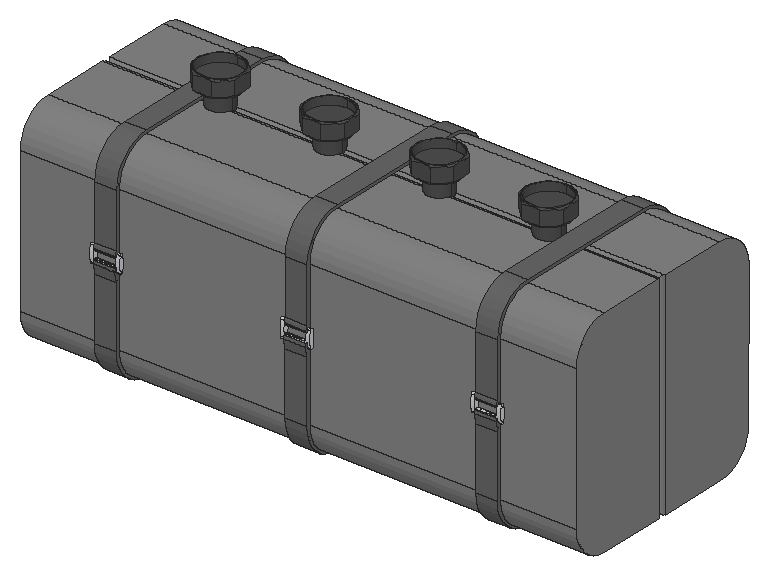
Revit family "Распределительный коллектор на 2 контура", category Оборудование, Revit 2022
Family settings
  Размер круглого соединителя = Использовать диаметр
  Классификация = Нет
  Тип детали = Нормальный
  На основе рабочей плоскости = Нет
  Всегда вертикально = Да
  При загрузке вырезать с полостями = Нет
  Сохранять ориентацию аннотаций = Нет
  Общий = Нет
  Точка принадлежности помещению = Нет
Parameters
  Отметка по умолчанию = 1500 mm
  Кронштейны [instance] = yes
  Изоляция [instance] = yes
  ΔT = 20 °C
  Qmax = 163000 W
  G max = 0.036983 (stored number, unit not read)
  ADSK_Примечание [instance] = ""
  ADSK_Наименование = "Распределительный коллектор KHW-7-2"
  ADSK_Завод-изготовитель = "Huch EnTEC"
  ADSK_Группирование [instance] = ""
Reference planes
  plane 1 "По центру (Вперед/Назад)": y = 0
  plane 2: z = 0
  plane 3 "По центру (Влево/Вправо)": x = 0
  plane 4: y = -57.5
  plane 5: y = 57.5
  plane 6: z = -57.5
  plane 7: z = 57.5
  plane 8: y = -52.5
  plane 9: z = 52.5
  plane 10: z = -52.5
  plane 11: y = 52.5
  plane 12: x = 257.5
  plane 13: x = -257.5
  plane 14: z = 52.5
  plane 15: z = -52.5
  plane 16: z = 67.5
  plane 17: z = 132.5
  plane 18: z = 102.5
  plane 19: z = 57.5
  plane 20: x = 437.5
  plane 21: x = -437.5
  plane 22: x = -312.5
  plane 23: x = -187.5
  plane 24: x = -62.5
  plane 25: x = 312.5
  plane 26: x = 187.5
  plane 27: x = 62.5
  plane 28: x = 570
  plane 29: x = -570
  plane 30: y = 186.539
  plane 31: x = -360
  plane 32: x = 360
  plane 33: x = -282.5
  plane 34: x = -172.5
  plane 35: x = 172.5
  plane 36: x = 282.5
  plane 37: x = -157.5
  plane 38: x = 157.5
  plane 39: x = -62.5
  plane 40: x = 62.5
Forms (mm)
  Extrusion 1, solid, material "Металл"
    sketch origin (0, 0, 0) x (0, 1, 0) y (0, 0, 1)
      loop
        line (52.5, 57.5) -> (-52.5, 57.5)
        arc (-52.5, 57.5) -> (-56.036, 56.036) -> (-57.5, 52.5) r 5
        line (-57.5, 52.5) -> (-57.5, -52.5)
        arc (-57.5, -52.5) -> (-56.036, -56.036) -> (-52.5, -57.5) r 5
        line (-52.5, -57.5) -> (52.5, -57.5)
        arc (52.5, -57.5) -> (56.036, -56.036) -> (57.5, -52.5) r 5
        line (57.5, -52.5) -> (57.5, 52.5)
        arc (57.5, 52.5) -> (56.036, 56.036) -> (52.5, 57.5) r 5
    from -257.5 to 257.5
  Extrusion 2, void
    sketch origin (0, 0, 0) x (1, 0, 0) y (0, 0, 1)
      loop
        line (252.5, 57.5) -> (-252.5, 57.5)
        arc (-252.5, 57.5) -> (-256.036, 56.036) -> (-257.5, 52.5) r 5
        line (-257.5, 52.5) -> (-257.5, -52.5)
        arc (-257.5, -52.5) -> (-256.036, -56.036) -> (-252.5, -57.5) r 5
        line (-252.5, -57.5) -> (252.5, -57.5)
        arc (252.5, -57.5) -> (256.036, -56.036) -> (257.5, -52.5) r 5
        line (257.5, -52.5) -> (257.5, 52.5)
        arc (257.5, 52.5) -> (256.036, 56.036) -> (252.5, 57.5) r 5
      loop
        line (-268.601, 73.045) -> (-268.601, -76.955) -> (266.399, -76.955) -> (266.399, 73.045) -> (-268.601, 73.045)
    from -63.688 to 64.2
  Extrusion 3, solid, material "Металл"
    sketch origin (0, 0, 0) x (1, 0, 0) y (0, 1, 0)
      loop
        circle (235, 0) r 13
      loop
        circle (-235, 0) r 13
    from -52.5 to -67.008
  Extrusion 4, solid, material "Металл"
    sketch origin (0, 0, 0) x (1, 0, 0) y (0, 1, 0)
      loop
        circle (-157.5, 0) r 30
      loop
        circle (157.5, 0) r 30
    from -52.5 to -112.477
  Extrusion 5, solid, material "Металл"
    sketch origin (0, 0, 0) x (1, 0, 0) y (0, 1, 0)
      loop
        circle (-62.5, 0) r 13.5
      loop
        circle (62.5, 0) r 13.5
    from -52.5 to -102.67
  Extrusion 6, solid, material "Металл"
    sketch origin (0, 0, 0) x (1, 0, 0) y (0, 1, 0)
      loop
        circle (-187.5, 0) r 15
      loop
        circle (-62.5, 0) r 15
      loop
        circle (62.5, 0) r 15
      loop
        circle (187.5, 0) r 15
    from 52.5 to 142.085
Cuts and joins
  Extrusion 2 cuts Extrusion 1
Dimensions and locks
  plane 17 to plane 19 = 75 mm
  plane 18 to plane 19 = 45 mm
  plane 16 to plane 19 = 10 mm
  equal spacing: plane 20, plane 25, plane 26, plane 27, plane 24, plane 23, plane 22, plane 21
  locked: plane 27 to plane 24 at 125
  Extrusion 6 to Extrusion 6 = 89.585 mm
  plane 15 to Extrusion 3 = 14.508 mm
  plane 15 to Extrusion 4 = 59.977 mm
  plane 15 to Extrusion 5 = 50.17 mm
  plane 3 "По центру (Влево/Вправо)" to plane 13 = 257.5 mm
  plane 12 to plane 3 "По центру (Влево/Вправо)" = 257.5 mm
  plane 13 to plane 31 = 102.5 mm
  plane 13 to plane 33 = 25 mm
  cut or joined group of Extrusion 1, Extrusion 2 to plane 34 = 85 mm
  cut or joined group of Extrusion 1, Extrusion 2 to plane 35 = 85 mm
  plane 36 to cut or joined group of Extrusion 1, Extrusion 2 = 25 mm
  plane 32 to cut or joined group of Extrusion 1, Extrusion 2 = 102.5 mm
  plane 35 to plane 34 = 345 mm
  aligned and locked: level to plane 2
  aligned and locked: Extrusion 1 to plane 13
  aligned and locked: Extrusion 1 to plane 12
Automatic sketch dimensions
  Extrusion 1 sketch curve to plane 4 = 0 mm
  Extrusion 1 sketch curve to plane 8 = 0 mm  (x2)
  Extrusion 1 sketch curve to plane 7 = 0 mm
  Extrusion 1 sketch curve to plane 6 = 0 mm
  Extrusion 1 sketch curve to plane 11 = 0 mm  (x2)
  Extrusion 1 sketch curve to plane 9 = 0 mm
  plane 13 to Extrusion 2 sketch curve = 0 mm
  Extrusion 2 sketch curve to plane 12 = 0 mm
  Extrusion 2 sketch curve to plane 15 = 0 mm  (x2)
  Extrusion 2 sketch curve to plane 14 = 0 mm  (x2)
  plane 16 to Extrusion 2 sketch curve = 5.545 mm
  Extrusion 2 sketch curve to plane 13 = 11.101 mm
  plane 12 to Extrusion 2 sketch curve = 8.899 mm
  Extrusion 2 sketch curve to Extrusion 2 sketch curve = 19.455 mm
  plane 1 "По центру (Вперед/Назад)" to Extrusion 3 sketch curve = 0 mm  (x2)
  plane 1 "По центру (Вперед/Назад)" to Extrusion 4 sketch curve = 0 mm  (x2)
  plane 1 "По центру (Вперед/Назад)" to Extrusion 5 sketch curve = 0 mm  (x2)
  plane 21 to Extrusion 4 sketch curve = 280 mm
  plane 22 to Extrusion 5 sketch curve = 250 mm
  plane 13 to Extrusion 3 sketch curve = 22.5 mm
  plane 20 to Extrusion 4 sketch curve = 280 mm
  Extrusion 2 sketch curve to plane 19 = 0 mm
  plane 13 to Extrusion 2 sketch curve = 5 mm
  Extrusion 3 sketch curve to plane 12 = 22.5 mm
  plane 25 to Extrusion 5 sketch curve = 250 mm
  plane 1 "По центру (Вперед/Назад)" to Extrusion 6 sketch curve = 0 mm  (x4)
  Extrusion 6 sketch curve to plane 23 = 0 mm
  Extrusion 6 sketch curve to plane 24 = 0 mm
  Extrusion 6 sketch curve to plane 27 = 0 mm
  Extrusion 6 sketch curve to plane 26 = 0 mm
  radius of Extrusion 3 sketch curve = 13 mm  (x2)
  radius of Extrusion 4 sketch curve = 30 mm  (x2)
  radius of Extrusion 5 sketch curve = 13.5 mm  (x2)
  radius of Extrusion 6 sketch curve = 15 mm  (x4)
Nested families
  nested 1: "Гайка_Восьмиугольная_Гладкая" at (187.5, 0, 142.085) x (0, 0, 1) z (1, 0, 0), type "Гайка_Восьмиугольная_Гладкая"
    with Материал Металл, КорректирующийРазмер 25 mm, k 15 mm, dw 50.5 mm, d 48 mm, V 40.00°, S 50.5 mm, K 19 mm
  nested 2: "Гайка_Восьмиугольная_Гладкая" at (62.5, 0, 142.085) x (0, 0, 1) z (1, 0, 0), type "Гайка_Восьмиугольная_Гладкая"
    with Материал Металл, КорректирующийРазмер 25 mm, k 15 mm, dw 50.5 mm, d 48 mm, V 40.00°, S 50.5 mm, K 19 mm
  nested 3: "Гайка_Восьмиугольная_Гладкая" at (-62.5, 0, 142.085) x (0, 0, 1) z (1, 0, 0), type "Гайка_Восьмиугольная_Гладкая"
    with Материал Металл, КорректирующийРазмер 25 mm, k 15 mm, dw 50.5 mm, d 48 mm, V 40.00°, S 50.5 mm, K 19 mm
  nested 4: "Гайка_Восьмиугольная_Гладкая" at (-187.5, 0, 142.085) x (0, 0, 1) z (1, 0, 0), type "Гайка_Восьмиугольная_Гладкая"
    with Материал Металл, КорректирующийРазмер 25 mm, k 15 mm, dw 50.5 mm, d 48 mm, V 40.00°, S 50.5 mm, K 19 mm
  nested 5: "Изоляция 2 контура" at (0, 0, 0), visible <- "Изоляция", type "Изоляция 2 контура"
  nested 6: "Стойки 2 контура" at (0, 0, 0), visible <- "Кронштейны", type "Стойки 2 контура"
Connectors
  piping at (-235, 0, -67.008), diameter 15
    settings: on Extrusion 3, index 1, connector inside diameter 609.6 mm, connector length 0 mm, flow factor 0, pipe flow 0.0 L/s, pressure drop 0.0 Pa, fitting loss kfactor 0, connector angle 0.00°, fixture units 0, engagement length 0 mm, angle of deflection 0.00°, flow configuration 0, flow direction 0, fitting loss method 0, system type 28, joint type 0, gender type 0, connector reference index -1, connector utility 0, adjustable connector no, is connector primary yes, connector description ""
  piping at (-157.5, 0, -112.477), diameter 50
    settings: on Extrusion 4, index 2, connector inside diameter 609.6 mm, connector length 0 mm, flow factor 0, pipe flow 0.0 L/s, pressure drop 0.0 Pa, fitting loss kfactor 0, connector angle 0.00°, fixture units 0, engagement length 0 mm, angle of deflection 0.00°, flow configuration 0, flow direction 0, fitting loss method 0, system type 8, joint type 0, gender type 0, connector reference index -1, connector utility 0, adjustable connector no, is connector primary no, connector description ""
  piping at (157.5, 0, -112.477), diameter 50
    settings: on Extrusion 4, index 3, connector inside diameter 609.6 mm, connector length 0 mm, flow factor 0, pipe flow 0.0 L/s, pressure drop 0.0 Pa, fitting loss kfactor 0, connector angle 0.00°, fixture units 0, engagement length 0 mm, angle of deflection 0.00°, flow configuration 0, flow direction 0, fitting loss method 0, system type 7, joint type 0, gender type 0, connector reference index -1, connector utility 0, adjustable connector no, is connector primary no, connector description ""
  piping at (235, 0, -67.008), diameter 15
    settings: on Extrusion 3, index 4, connector inside diameter 609.6 mm, connector length 0 mm, flow factor 0, pipe flow 0.0 L/s, pressure drop 0.0 Pa, fitting loss kfactor 0, connector angle 0.00°, fixture units 0, engagement length 0 mm, angle of deflection 0.00°, flow configuration 0, flow direction 0, fitting loss method 0, system type 28, joint type 0, gender type 0, connector reference index -1, connector utility 0, adjustable connector no, is connector primary no, connector description ""
  piping at (-187.5, 0, 152.09), diameter 25
    settings: on nested 4, index 7, connector inside diameter 609.6 mm, connector length 0 mm, flow factor 0, pipe flow 0.0 L/s, pressure drop 0.0 Pa, fitting loss kfactor 0, connector angle 0.00°, fixture units 0, engagement length 0 mm, angle of deflection 0.00°, flow configuration 0, flow direction 0, fitting loss method 0, system type 8, joint type 0, gender type 0, connector reference index -1, connector utility 0, adjustable connector no, is connector primary no, connector description ""
  piping at (-62.5, 0, 152.09), diameter 25
    settings: on nested 3, index 8, connector inside diameter 609.6 mm, connector length 0 mm, flow factor 0, pipe flow 0.0 L/s, pressure drop 0.0 Pa, fitting loss kfactor 0, connector angle 0.00°, fixture units 0, engagement length 0 mm, angle of deflection 0.00°, flow configuration 0, flow direction 0, fitting loss method 0, system type 7, joint type 0, gender type 0, connector reference index -1, connector utility 0, adjustable connector no, is connector primary no, connector description ""
  piping at (62.5, 0, 152.09), diameter 25
    settings: on nested 2, index 9, connector inside diameter 609.6 mm, connector length 0 mm, flow factor 0, pipe flow 0.0 L/s, pressure drop 0.0 Pa, fitting loss kfactor 0, connector angle 0.00°, fixture units 0, engagement length 0 mm, angle of deflection 0.00°, flow configuration 0, flow direction 0, fitting loss method 0, system type 8, joint type 0, gender type 0, connector reference index -1, connector utility 0, adjustable connector no, is connector primary no, connector description ""
  piping at (187.5, 0, 152.09), diameter 25
    settings: on nested 1, index 10, connector inside diameter 609.6 mm, connector length 0 mm, flow factor 0, pipe flow 0.0 L/s, pressure drop 0.0 Pa, fitting loss kfactor 0, connector angle 0.00°, fixture units 0, engagement length 0 mm, angle of deflection 0.00°, flow configuration 0, flow direction 0, fitting loss method 0, system type 7, joint type 0, gender type 0, connector reference index -1, connector utility 0, adjustable connector no, is connector primary no, connector description ""
Definition of nested family "Гайка_Восьмиугольная_Гладкая"
  Parameters (values of type "Гайка_Восьмиугольная_Гладкая")
    Default Elevation = 0 mm
    Материал [instance] = none
    КорректирующийРазмер [instance] = 76 mm
    k [instance] = 31.635 mm
    dw [instance] = S  # 150 mm
    d [instance] = 100 mm
    V [instance] = 40.00°
    S [instance] = 150 mm
    K [instance] = 70 mm
  Reference planes
    plane 1 "По центру (Вперед/Назад)": y = 0
    plane 2: z = 0
    plane 3 "По центру (Влево/Вправо)": x = 0
    plane 4: x = 70
    plane 5: through (4267.2, -88.185, 17.881) normal (0, -0.7071, 0.7071)
    plane 6: through (4267.2, 17.881, -88.185) normal (0, -0.7071, 0.7071)
    plane 7: through (4267.2, 17.891, 88.175) normal (0, 0.7071, 0.7071)
    plane 8: through (4267.2, -88.175, -17.891) normal (0, 0.7071, 0.7071)
    plane 9: z = -75
    plane 10: z = 75
    plane 11: y = 75
    plane 12: y = -75
    plane 13: through (4267.2, 0, 0) normal (0, -0.7071, 0.7071)
    plane 14: through (4267.2, 0, 0) normal (0, 0.7071, 0.7071)
    plane 15: z = 76
    plane 16: x = 38.365
  Forms (mm)
    Extrusion 1, solid, material <- "Материал"
      sketch origin (0, 0, 0) x (0, 1, 0) y (0, 0, 1)
        loop
          line (75, 31.066) -> (31.066, 75) -> (-31.066, 75) -> (-75, 31.066) -> (-75, -31.066) -> (-31.066, -75) -> (31.066, -75) -> (75, -31.066) -> (75, 31.066)
        loop
          circle (0, 0) r 50
      from 0 to 70
    Sweep 2, void
      path origin (0, 0, 0) x (0, 1, 0) y (0, 0, 1)
        loop
          circle (0, 0) r 75
      profile origin (0, 0, 75) x (0, 0, -1) y (1, 0, 0)
        loop
          line (-1, 70) -> (-135.994, 70) -> (-135.994, 0) -> (-1, 0) -> (-42.711, 35) -> (-1, 70)
    Extrusion 3, solid, material <- "Материал"
      sketch origin (0, 0, 0) x (0, 1, 0) y (0, 0, 1)
        loop
          circle (0, 0) r 50
      from 0 to 10.005
  Cuts and joins
    Sweep 2 cuts Extrusion 1
  Dimensions and locks
    equal spacing: plane 10, level, plane 9
    equal spacing: plane 5, plane 13, plane 6
    equal spacing: plane 7, plane 14, plane 8
    equal spacing: plane 12, plane 1 "По центру (Вперед/Назад)", plane 11
    "S": plane 12 to plane 11
    "S": plane 5 to plane 6
    "S": plane 10 to plane 9
    "S": plane 7 to plane 8
    "K": plane 3 "По центру (Влево/Вправо)" to plane 4
    "КорректирующийРазмер": level to plane 15
    equal spacing: Sweep 2 sketch curve, Sweep 2 sketch curve, Sweep 2 sketch curve
    "K": Sweep 2 sketch curve to Sweep 2 sketch curve
    "k": plane 4 to plane 16
    "d": diameter of Extrusion 1 sketch curve
    "dw": diameter of Sweep 2 sketch curve
    "d": diameter of Extrusion 3 sketch curve
    "V": angle Sweep 2 sketch curve to Sweep 2 sketch curve  (x2)
    aligned and locked: level to plane 2
    aligned and locked: plane 12 to Extrusion 1 sketch curve
    aligned and locked: plane 5 to Extrusion 1 sketch curve
    aligned and locked: plane 10 to Extrusion 1 sketch curve
    aligned and locked: plane 7 to Extrusion 1 sketch curve
    aligned and locked: Extrusion 1 sketch curve to plane 11
    aligned and locked: Extrusion 1 sketch curve to plane 6
    aligned and locked: Extrusion 1 sketch curve to plane 9
    aligned and locked: Extrusion 1 sketch curve to plane 8
    aligned and locked: plane 4 to Extrusion 1
    aligned and locked: Sweep 2 sketch curve to plane 4
    aligned and locked: Sweep 2 sketch curve to plane 15
    aligned and locked: plane 15 to Sweep 2 sketch curve
  Automatic sketch dimensions
    Extrusion 1 sketch curve to plane 13 = 0 mm
    Extrusion 1 sketch curve to plane 14 = 0 mm
    Sweep 2 sketch curve to level = 0 mm
    Sweep 2 sketch curve to plane 1 "По центру (Вперед/Назад)" = 0 mm
    Sweep 2 sketch curve to Sweep 2 sketch curve = 93.282 mm
    Extrusion 3 sketch curve to level = 0 mm
    Extrusion 3 sketch curve to plane 1 "По центру (Вперед/Назад)" = 0 mm
Definition of nested family "Изоляция 2 контура"
  Parameters (values of type "Изоляция 3 контура")
    Default Elevation = 0 mm
  Reference planes
    plane 1 "По центру (Вперед/Назад)": y = 0
    plane 2: z = 0
    plane 3 "По центру (Влево/Вправо)": x = 0
    plane 4: z = 52.5
    plane 5: z = -52.5
    plane 6: z = 67.5
    plane 7: z = 132.5
    plane 8: z = 102.5
    plane 9: z = 57.5
    plane 10: z = 122.5
    plane 11: z = -122.5
    plane 12: y = -122.5
    plane 13: y = 122.5
    plane 14: y = -82.5
    plane 15: y = 82.5
    plane 16: z = 82.5
    plane 17: z = -82.5
    plane 18: x = 570
    plane 19: x = -570
    plane 20: x = 12.5
    plane 21: x = -12.5
    plane 22: x = 17
    plane 23: x = -17
    plane 24: z = 13.707
    plane 25: z = 4.4
    plane 26: x = 285
    plane 27: z = 117.5
    plane 28: z = -117.5
    plane 29: y = 5
    plane 30: y = -5
    plane 31: x = -565
    plane 32: y = -5
    plane 33: y = 5
    plane 34: x = -257.5
    plane 35: x = 257.5
    plane 36: x = -262.5
    plane 37: x = 317.5
    plane 38: x = -317.5
    plane 39: x = -282.462
    plane 40: x = -235
    plane 41: x = -157.5
    plane 42: x = -62.5
    plane 43: x = 235
    plane 44: x = 157.5
    plane 45: x = 62.5
  Forms (mm)
    Extrusion 1, solid
      sketch origin (0, 0, 0) x (0, 1, 0) y (0, 0, 1)
        loop
          arc (82.5, -122.5) -> (110.784, -110.784) -> (122.5, -82.5) r 40
          line (122.5, -82.5) -> (122.5, 82.5)
          arc (122.5, 82.5) -> (110.784, 110.784) -> (82.5, 122.5) r 40
          line (82.5, 122.5) -> (5, 122.5)
          arc (5, 122.5) -> (1.464, 121.036) -> (0, 117.5) r 5
          arc (0, 117.5) -> (-1.464, 121.036) -> (-5, 122.5) r 5
          line (-5, 122.5) -> (-82.5, 122.5)
          arc (-82.5, 122.5) -> (-110.784, 110.784) -> (-122.5, 82.5) r 40
          line (-122.5, 82.5) -> (-122.5, -82.5)
          arc (-122.5, -82.5) -> (-110.784, -110.784) -> (-82.5, -122.5) r 40
          line (-82.5, -122.5) -> (-5, -122.5)
          arc (-5, -122.5) -> (-1.464, -121.036) -> (0, -117.5) r 5
          arc (0, -117.5) -> (1.464, -121.036) -> (5, -122.5) r 5
          line (5, -122.5) -> (82.5, -122.5)
      from -317.5 to 317.5
    Extrusion 2, void
      sketch origin (0, 0, 0) x (1, 0, 0) y (0, 1, 0)
        loop
          circle (-157.5, 0) r 30
        loop
          circle (-234.869, -1.741) r 13
        loop
          circle (-47.5, 0) r 13.5
        loop
          circle (157.5, 0) r 30
        loop
          circle (234.869, -1.741) r 13
        loop
          circle (47.5, 0) r 13.5
      from -269.632 to 0
    Extrusion 3, solid
      sketch origin (0, 0, 0) x (0, 1, 0) y (0, 0, 1)
        loop
          line (122.5, 82.5) -> (122.5, -82.5)
          arc (122.5, -82.5) -> (110.784, -110.784) -> (82.5, -122.5) r 40
          line (82.5, -122.5) -> (-82.5, -122.5)
          arc (-82.5, -122.5) -> (-110.784, -110.784) -> (-122.5, -82.5) r 40
          line (-122.5, -82.5) -> (-122.5, 2.171)
          arc (-122.5, 2.171) -> (-123.462, 3.981) -> (-125.5, 4.197) r 2.184
          arc (-125.5, 4.197) -> (-127.191, 2.171) -> (-127.608, -0.433) r 4.975
          arc (-127.608, -0.433) -> (-126.84, -5.922) -> (-125.747, -11.355) r 93.24
          line (-125.747, -11.355) -> (-125.747, -82.5)
          arc (-125.747, -82.5) -> (-113.153, -112.906) -> (-82.747, -125.5) r 43
          line (-82.747, -125.5) -> (82.5, -125.5)
          arc (82.5, -125.5) -> (112.906, -112.906) -> (125.5, -82.5) r 43
          line (125.5, -82.5) -> (125.5, 82.5)
          arc (125.5, 82.5) -> (112.906, 112.906) -> (82.5, 125.5) r 43
          line (82.5, 125.5) -> (-82.5, 125.5)
          arc (-82.5, 125.5) -> (-112.906, 112.906) -> (-125.5, 82.5) r 43
          line (-125.5, 82.5) -> (-125.5, 20.683)
          arc (-125.5, 20.683) -> (-126.528, 18.003) -> (-126.978, 15.168) r 13.764
          arc (-126.978, 15.168) -> (-124.441, 13.839) -> (-122.5, 15.945) r 2.353
          line (-122.5, 15.945) -> (-122.5, 82.5)
          arc (-122.5, 82.5) -> (-110.784, 110.784) -> (-82.5, 122.5) r 40
          line (-82.5, 122.5) -> (82.5, 122.5)
          arc (82.5, 122.5) -> (110.784, 110.784) -> (122.5, 82.5) r 40
      from -12.5 to 12.5
    Extrusion 4, solid
      sketch origin (0, 0, 0) x (0, 1, 0) y (0, 0, 1)
        loop
          arc (-123.716, 17.727) -> (-124.86, 18.69) -> (-126.039, 17.77) r 1.187
          arc (-126.039, 17.77) -> (-127.099, 8.42) -> (-126.023, -0.929) r 41.442
          arc (-126.023, -0.929) -> (-124.875, -1.841) -> (-123.726, -0.929) r 1.179
          arc (-123.726, -0.929) -> (-122.654, 8.399) -> (-123.716, 17.727) r 41.296
      from -17 to 17
    Extrusion 5, void
      sketch origin (0, 0, 0) x (1, 0, 0) y (0, 0, 1)
        loop
          line (-12.5, 13.707) -> (-12.5, 4.4) -> (12.5, 4.4) -> (12.5, 13.707) -> (-12.5, 13.707)
      from 122.415 to 250
    Extrusion 6, solid
      sketch origin (217.5, 0, 0) x (0, 1, 0) y (0, 0, 1)
        loop
          line (122.5, 82.5) -> (122.5, -82.5)
          arc (122.5, -82.5) -> (110.784, -110.784) -> (82.5, -122.5) r 40
          line (82.5, -122.5) -> (-82.5, -122.5)
          arc (-82.5, -122.5) -> (-110.784, -110.784) -> (-122.5, -82.5) r 40
          line (-122.5, -82.5) -> (-122.5, 2.171)
          arc (-122.5, 2.171) -> (-123.462, 3.981) -> (-125.5, 4.197) r 2.184
          arc (-125.5, 4.197) -> (-127.191, 2.171) -> (-127.608, -0.433) r 4.975
          arc (-127.608, -0.433) -> (-126.84, -5.922) -> (-125.747, -11.355) r 93.24
          line (-125.747, -11.355) -> (-125.747, -82.5)
          arc (-125.747, -82.5) -> (-113.153, -112.906) -> (-82.747, -125.5) r 43
          line (-82.747, -125.5) -> (82.5, -125.5)
          arc (82.5, -125.5) -> (112.906, -112.906) -> (125.5, -82.5) r 43
          line (125.5, -82.5) -> (125.5, 82.5)
          arc (125.5, 82.5) -> (112.906, 112.906) -> (82.5, 125.5) r 43
          line (82.5, 125.5) -> (-82.5, 125.5)
          arc (-82.5, 125.5) -> (-112.906, 112.906) -> (-125.5, 82.5) r 43
          line (-125.5, 82.5) -> (-125.5, 20.683)
          arc (-125.5, 20.683) -> (-126.528, 18.003) -> (-126.978, 15.168) r 13.764
          arc (-126.978, 15.168) -> (-124.441, 13.839) -> (-122.5, 15.945) r 2.353
          line (-122.5, 15.945) -> (-122.5, 82.5)
          arc (-122.5, 82.5) -> (-110.784, 110.784) -> (-82.5, 122.5) r 40
          line (-82.5, 122.5) -> (82.5, 122.5)
          arc (82.5, 122.5) -> (110.784, 110.784) -> (122.5, 82.5) r 40
      from -12.5 to 12.5
    Extrusion 7, solid
      sketch origin (217.5, 0, 0) x (0, 1, 0) y (0, 0, 1)
        loop
          arc (-123.716, 17.727) -> (-124.86, 18.69) -> (-126.039, 17.77) r 1.187
          arc (-126.039, 17.77) -> (-127.099, 8.42) -> (-126.023, -0.929) r 41.442
          arc (-126.023, -0.929) -> (-124.875, -1.841) -> (-123.726, -0.929) r 1.179
          arc (-123.726, -0.929) -> (-122.654, 8.399) -> (-123.716, 17.727) r 41.296
      from -17 to 17
    Extrusion 8, solid
      sketch origin (-217.5, 0, 0) x (0, 1, 0) y (0, 0, 1)
        loop
          line (122.5, 82.5) -> (122.5, -82.5)
          arc (122.5, -82.5) -> (110.784, -110.784) -> (82.5, -122.5) r 40
          line (82.5, -122.5) -> (-82.5, -122.5)
          arc (-82.5, -122.5) -> (-110.784, -110.784) -> (-122.5, -82.5) r 40
          line (-122.5, -82.5) -> (-122.5, 2.171)
          arc (-122.5, 2.171) -> (-123.462, 3.981) -> (-125.5, 4.197) r 2.184
          arc (-125.5, 4.197) -> (-127.191, 2.171) -> (-127.608, -0.433) r 4.975
          arc (-127.608, -0.433) -> (-126.84, -5.922) -> (-125.747, -11.355) r 93.24
          line (-125.747, -11.355) -> (-125.747, -82.5)
          arc (-125.747, -82.5) -> (-113.153, -112.906) -> (-82.747, -125.5) r 43
          line (-82.747, -125.5) -> (82.5, -125.5)
          arc (82.5, -125.5) -> (112.906, -112.906) -> (125.5, -82.5) r 43
          line (125.5, -82.5) -> (125.5, 82.5)
          arc (125.5, 82.5) -> (112.906, 112.906) -> (82.5, 125.5) r 43
          line (82.5, 125.5) -> (-82.5, 125.5)
          arc (-82.5, 125.5) -> (-112.906, 112.906) -> (-125.5, 82.5) r 43
          line (-125.5, 82.5) -> (-125.5, 20.683)
          arc (-125.5, 20.683) -> (-126.528, 18.003) -> (-126.978, 15.168) r 13.764
          arc (-126.978, 15.168) -> (-124.441, 13.839) -> (-122.5, 15.945) r 2.353
          line (-122.5, 15.945) -> (-122.5, 82.5)
          arc (-122.5, 82.5) -> (-110.784, 110.784) -> (-82.5, 122.5) r 40
          line (-82.5, 122.5) -> (82.5, 122.5)
          arc (82.5, 122.5) -> (110.784, 110.784) -> (122.5, 82.5) r 40
      from -12.5 to 12.5
    Extrusion 9, solid
      sketch origin (-217.5, 0, 0) x (0, 1, 0) y (0, 0, 1)
        loop
          arc (-123.716, 17.727) -> (-124.86, 18.69) -> (-126.039, 17.77) r 1.187
          arc (-126.039, 17.77) -> (-127.099, 8.42) -> (-126.023, -0.929) r 41.442
          arc (-126.023, -0.929) -> (-124.875, -1.841) -> (-123.726, -0.929) r 1.179
          arc (-123.726, -0.929) -> (-122.654, 8.399) -> (-123.716, 17.727) r 41.296
      from -17 to 17
    Extrusion 10, void
      sketch origin (-217.52, 0, 0) x (1, 0, 0) y (0, 0, 1)
        loop
          line (-12.5, 13.707) -> (-12.5, 4.4) -> (12.5, 4.4) -> (12.5, 13.707) -> (-12.5, 13.707)
      from 122.5 to 250
    Extrusion 11, void
      sketch origin (217.5, 0, 0) x (1, 0, 0) y (0, 0, 1)
        loop
          line (-12.5, 13.707) -> (-12.5, 4.4) -> (12.5, 4.4) -> (12.5, 13.707) -> (-12.5, 13.707)
      from 122.5 to 250
    Extrusion 12, void
      sketch origin (254.01, 0, 0) x (1, 0, 0) y (0, 1, 0)
        loop
          arc (-565, 0) -> (-568.536, 1.464) -> (-570, 5) r 5
          line (-570, 5) -> (-575.921, 5) -> (-575.921, -5) -> (-570, -5)
          arc (-570, -5) -> (-568.536, -1.464) -> (-565, 0) r 5
      from -132.581 to 132.5
    Extrusion 13, void
      sketch origin (-253.803, 0, 0) x (-1, 0, 0) y (0, -1, 0)
        loop
          arc (-565, 0) -> (-568.536, 1.464) -> (-570, 5) r 5
          line (-570, 5) -> (-575.921, 5) -> (-575.921, -5) -> (-570, -5)
          arc (-570, -5) -> (-568.536, -1.464) -> (-565, 0) r 5
      from -132.581 to 132.5
  Cuts and joins
    Extrusion 2, Extrusion 5, Extrusion 10, Extrusion 11, Extrusion 12, Extrusion 13 cuts Extrusion 1
    Extrusion 5, Extrusion 10 cuts Extrusion 4
    Extrusion 10, Extrusion 11 cuts Extrusion 9
    Extrusion 11 cuts Extrusion 7
  Dimensions and locks
    plane 7 to plane 9 = 75 mm
    plane 8 to plane 9 = 45 mm
    plane 6 to plane 9 = 10 mm
    plane 18 to plane 3 "По центру (Влево/Вправо)" = 570 mm
    equal spacing: plane 35, plane 3 "По центру (Влево/Вправо)", plane 34
    plane 35 to plane 34 = 515 mm
    plane 38 to plane 34 = 60 mm
    plane 35 to plane 37 = 60 mm
    plane 39 to plane 34 = 24.962 mm
    plane 34 to plane 3 "По центру (Влево/Вправо)" = 257.5 mm
    plane 3 "По центру (Влево/Вправо)" to plane 35 = 257.5 mm
    aligned and locked: level to plane 2
    aligned and locked: plane 20 to Extrusion 3
    aligned and locked: Extrusion 3 to plane 21
  Automatic sketch dimensions
    Extrusion 1 sketch curve to plane 12 = 0 mm
    Extrusion 1 sketch curve to plane 11 = 0 mm  (x2)
    Extrusion 1 sketch curve to plane 14 = 0 mm  (x2)
    Extrusion 1 sketch curve to plane 10 = 0 mm  (x2)
    plane 27 to Extrusion 1 sketch curve = 0 mm
    Extrusion 1 sketch curve to plane 30 = 0 mm  (x2)
    Extrusion 1 sketch curve to plane 1 "По центру (Вперед/Назад)" = 0 mm  (x3)
    Extrusion 1 sketch curve to plane 29 = 0 mm  (x2)
    Extrusion 1 sketch curve to plane 15 = 0 mm  (x2)
    Extrusion 1 sketch curve to plane 13 = 0 mm
    Extrusion 3 sketch curve to Extrusion 3 sketch curve = 0 mm  (x7)
    Extrusion 3 sketch curve to level = 11.355 mm
    plane 32 to Extrusion 3 sketch curve = 120.747 mm
    plane 6 to Extrusion 3 sketch curve = 15 mm
    Extrusion 3 sketch curve to Extrusion 3 sketch curve = 0.247 mm  (x2)
    plane 24 to Extrusion 3 sketch curve = 2.45 mm
    Extrusion 3 sketch curve to Extrusion 3 sketch curve = 0.657 mm
    level to Extrusion 3 sketch curve = 2.171 mm
    Extrusion 3 sketch curve to Extrusion 3 sketch curve = 1.063 mm
    level to Extrusion 3 sketch curve = 0.11 mm
    Extrusion 3 sketch curve to Extrusion 3 sketch curve = 2.021 mm
    Extrusion 3 sketch curve to Extrusion 3 sketch curve = 0.163 mm
    Extrusion 3 sketch curve to Extrusion 3 sketch curve = 2.343 mm
    plane 24 to Extrusion 3 sketch curve = 0.734 mm
    Extrusion 3 sketch curve to Extrusion 3 sketch curve = 9.267 mm
    Extrusion 3 sketch curve to plane 5 = 30 mm  (x2)
    Extrusion 3 sketch curve to Extrusion 3 sketch curve = 39.753 mm
    Extrusion 3 sketch curve to Extrusion 3 sketch curve = 40 mm  (x2)
    Extrusion 3 sketch curve to plane 24 = 3.963 mm
    plane 32 to Extrusion 3 sketch curve = 29.925 mm
    Extrusion 3 sketch curve to plane 33 = 77.5 mm
    plane 24 to Extrusion 3 sketch curve = 2.238 mm
    Extrusion 3 sketch curve to Extrusion 3 sketch curve = 4.527 mm
    plane 25 to Extrusion 4 sketch curve = 4.021 mm
    plane 32 to Extrusion 4 sketch curve = 158.95 mm
    plane 24 to Extrusion 4 sketch curve = 3.796 mm
    Extrusion 4 sketch curve to Extrusion 4 sketch curve = 39.068 mm
    Extrusion 4 sketch curve to level = 0.662 mm
    Extrusion 4 sketch curve to Extrusion 4 sketch curve = 0.007 mm
    plane 25 to Extrusion 4 sketch curve = 4.054 mm
    Extrusion 4 sketch curve to Extrusion 4 sketch curve = 39.225 mm
    Extrusion 4 sketch curve to Extrusion 4 sketch curve = 1.157 mm
    Extrusion 4 sketch curve to Extrusion 4 sketch curve = 0 mm  (x3)
    Extrusion 5 sketch curve to plane 21 = 0 mm
    Extrusion 5 sketch curve to plane 20 = 0 mm
    Extrusion 5 sketch curve to plane 25 = 0 mm
    Extrusion 5 sketch curve to plane 24 = 0 mm
    Extrusion 6 sketch curve to Extrusion 6 sketch curve = 0 mm  (x7)
    Extrusion 6 sketch curve to level = 11.355 mm
    plane 32 to Extrusion 6 sketch curve = 120.747 mm
    plane 6 to Extrusion 6 sketch curve = 15 mm
    Extrusion 6 sketch curve to Extrusion 6 sketch curve = 0.247 mm  (x2)
    plane 24 to Extrusion 6 sketch curve = 2.45 mm
    Extrusion 6 sketch curve to Extrusion 6 sketch curve = 0.657 mm
    level to Extrusion 6 sketch curve = 2.171 mm
    Extrusion 6 sketch curve to Extrusion 6 sketch curve = 1.063 mm
    level to Extrusion 6 sketch curve = 0.11 mm
    Extrusion 6 sketch curve to Extrusion 6 sketch curve = 2.021 mm
    Extrusion 6 sketch curve to Extrusion 6 sketch curve = 0.163 mm
    Extrusion 6 sketch curve to Extrusion 6 sketch curve = 2.343 mm
    plane 24 to Extrusion 6 sketch curve = 0.734 mm
    Extrusion 6 sketch curve to Extrusion 6 sketch curve = 9.267 mm
    Extrusion 6 sketch curve to plane 5 = 30 mm  (x2)
    Extrusion 6 sketch curve to Extrusion 6 sketch curve = 39.753 mm
    Extrusion 6 sketch curve to Extrusion 6 sketch curve = 40 mm  (x2)
    Extrusion 6 sketch curve to plane 24 = 3.963 mm
    plane 32 to Extrusion 6 sketch curve = 29.925 mm
    Extrusion 6 sketch curve to plane 33 = 77.5 mm
    plane 24 to Extrusion 6 sketch curve = 2.238 mm
    Extrusion 6 sketch curve to Extrusion 6 sketch curve = 4.527 mm
    plane 25 to Extrusion 7 sketch curve = 4.021 mm
    plane 32 to Extrusion 7 sketch curve = 158.95 mm
    plane 24 to Extrusion 7 sketch curve = 3.796 mm
    Extrusion 7 sketch curve to Extrusion 7 sketch curve = 39.068 mm
    Extrusion 7 sketch curve to level = 0.662 mm
    Extrusion 7 sketch curve to Extrusion 7 sketch curve = 0.007 mm
    plane 25 to Extrusion 7 sketch curve = 4.054 mm
    Extrusion 7 sketch curve to Extrusion 7 sketch curve = 39.225 mm
    Extrusion 7 sketch curve to Extrusion 7 sketch curve = 1.157 mm
    Extrusion 7 sketch curve to Extrusion 7 sketch curve = 0 mm  (x3)
    Extrusion 8 sketch curve to Extrusion 8 sketch curve = 0 mm  (x7)
    Extrusion 8 sketch curve to level = 11.355 mm
    plane 32 to Extrusion 8 sketch curve = 120.747 mm
    plane 6 to Extrusion 8 sketch curve = 15 mm
    Extrusion 8 sketch curve to Extrusion 8 sketch curve = 0.247 mm  (x2)
    plane 24 to Extrusion 8 sketch curve = 2.45 mm
    Extrusion 8 sketch curve to Extrusion 8 sketch curve = 0.657 mm
    level to Extrusion 8 sketch curve = 2.171 mm
    Extrusion 8 sketch curve to Extrusion 8 sketch curve = 1.063 mm
    level to Extrusion 8 sketch curve = 0.11 mm
    Extrusion 8 sketch curve to Extrusion 8 sketch curve = 2.021 mm
    Extrusion 8 sketch curve to Extrusion 8 sketch curve = 0.163 mm
    Extrusion 8 sketch curve to Extrusion 8 sketch curve = 2.343 mm
    plane 24 to Extrusion 8 sketch curve = 0.734 mm
    Extrusion 8 sketch curve to Extrusion 8 sketch curve = 9.267 mm
    Extrusion 8 sketch curve to plane 5 = 30 mm  (x2)
    Extrusion 8 sketch curve to Extrusion 8 sketch curve = 39.753 mm
    Extrusion 8 sketch curve to Extrusion 8 sketch curve = 40 mm  (x2)
    Extrusion 8 sketch curve to plane 24 = 3.963 mm
    plane 32 to Extrusion 8 sketch curve = 29.925 mm
    Extrusion 8 sketch curve to plane 33 = 77.5 mm
    plane 24 to Extrusion 8 sketch curve = 2.238 mm
    Extrusion 8 sketch curve to Extrusion 8 sketch curve = 4.527 mm
    plane 25 to Extrusion 9 sketch curve = 4.021 mm
    plane 32 to Extrusion 9 sketch curve = 158.95 mm
    plane 24 to Extrusion 9 sketch curve = 3.796 mm
    Extrusion 9 sketch curve to Extrusion 9 sketch curve = 39.068 mm
    Extrusion 9 sketch curve to level = 0.662 mm
    Extrusion 9 sketch curve to Extrusion 9 sketch curve = 0.007 mm
    plane 25 to Extrusion 9 sketch curve = 4.054 mm
    Extrusion 9 sketch curve to Extrusion 9 sketch curve = 39.225 mm
    Extrusion 9 sketch curve to Extrusion 9 sketch curve = 1.157 mm
    Extrusion 9 sketch curve to Extrusion 9 sketch curve = 0 mm  (x3)
    Extrusion 10 sketch curve to plane 25 = 0 mm
    Extrusion 10 sketch curve to plane 24 = 0 mm
    Extrusion 10 sketch curve to Extrusion 10 sketch curve = 25 mm
    Extrusion 11 sketch curve to plane 25 = 0 mm
    Extrusion 11 sketch curve to plane 24 = 0 mm
    Extrusion 11 sketch curve to plane 26 = 80 mm
    Extrusion 11 sketch curve to plane 26 = 55 mm
    plane 33 to Extrusion 12 sketch curve = 0 mm
    plane 32 to Extrusion 12 sketch curve = 0 mm
    plane 19 to Extrusion 12 sketch curve = 254.01 mm  (x2)
    plane 31 to Extrusion 12 sketch curve = 254.01 mm
    Extrusion 12 sketch curve to Extrusion 12 sketch curve = 5.921 mm
    plane 33 to Extrusion 13 sketch curve = 0 mm
    plane 32 to Extrusion 13 sketch curve = 0 mm
    Extrusion 13 sketch curve to plane 18 = 253.803 mm  (x2)
    plane 1 "По центру (Вперед/Назад)" to Extrusion 13 sketch curve = 0 mm
    Extrusion 13 sketch curve to Extrusion 13 sketch curve = 5.921 mm
    plane 1 "По центру (Вперед/Назад)" to Extrusion 2 sketch curve = 0 mm  (x4)
    plane 39 to Extrusion 2 sketch curve = 124.962 mm
    plane 1 "По центру (Вперед/Назад)" to Extrusion 2 sketch curve = 1.741 mm  (x2)
    plane 34 to Extrusion 2 sketch curve = 35.631 mm
    Extrusion 2 sketch curve to Extrusion 2 sketch curve = 13.5 mm  (x2)
    Extrusion 2 sketch curve to Extrusion 2 sketch curve = 13 mm  (x2)
    Extrusion 2 sketch curve to Extrusion 2 sketch curve = 80 mm  (x2)
    plane 34 to Extrusion 2 sketch curve = 210 mm
    plane 34 to Extrusion 10 sketch curve = 27.48 mm
    Extrusion 2 sketch curve to plane 37 = 82.631 mm
    Extrusion 2 sketch curve to plane 26 = 127.5 mm
    Extrusion 2 sketch curve to plane 35 = 130 mm
    Extrusion 2 sketch curve to Extrusion 2 sketch curve = 0 mm
Definition of nested family "Стойки 2 контура"
  Parameters (values of type "Стойки 3 контура")
    Default Elevation = 0 mm
  Reference planes
    plane 1 "По центру (Вперед/Назад)": y = 0
    plane 2: z = 0
    plane 3 "По центру (Влево/Вправо)": x = 0
    plane 4: y = 186.539
    plane 5: y = 181.539
    plane 6: x = 62.5
    plane 7: x = -62.5
  Forms (mm)
    Extrusion 1, solid
      sketch origin (365, 0, 0) x (1, 0, 0) y (0, 1, 0)
        loop
          line (-341.336, 40) -> (-341.336, -40) -> (-261.336, -40) -> (-261.336, 40) -> (-341.336, 40)
      from -127.2 to -122.5
    Extrusion 2, solid
      sketch origin (365, 0, 0) x (1, 0, 0) y (0, 0, 1)
        loop
          line (-329.182, -127.2) -> (-331.182, -127.2) -> (-331.182, -135.165) -> (-309.11, -135.165) -> (-309.11, -133.222) -> (-329.182, -133.222) -> (-329.182, -127.2)
        loop
          line (-274.182, -127.2) -> (-274.182, -133.222) -> (-294.182, -133.222) -> (-294.182, -135.165) -> (-272.182, -135.165) -> (-272.182, -127.2) -> (-274.182, -127.2)
      from -18.865 to 18.699
    Extrusion 3, solid
      sketch origin (365, 0, 0) x (1, 0, 0) y (0, 1, 0)
        loop
          line (-320.075, 2.89) -> (-322.119, 2.044) -> (-322.965, 0) -> (-322.119, -2.044) -> (-320.075, -2.89) -> (-318.032, -2.044) -> (-317.185, 0) -> (-318.032, 2.044) -> (-320.075, 2.89)
      from -135.165 to -137.732
    Extrusion 4, solid
      sketch origin (365, 0, -4.728) x (1, 0, 0) y (0, 1, 0)
        loop
          line (-320.075, 2.89) -> (-322.119, 2.044) -> (-322.965, 0) -> (-322.119, -2.044) -> (-320.075, -2.89) -> (-318.032, -2.044) -> (-317.185, 0) -> (-318.032, 2.044) -> (-320.075, 2.89)
      from -135.165 to -137.732
    Extrusion 5, solid
      sketch origin (365, 0, 0) x (1, 0, 0) y (0, 1, 0)
        loop
          circle (-320.118, 0) r 2
      from -137.732 to -139.894
    Extrusion 6, solid
      sketch origin (365, 0, 0) x (0, 1, 0) y (0, 0, 1)
        loop
          line (186.539, -77.2) -> (181.539, -77.2) -> (181.539, -237.2) -> (186.539, -237.2) -> (186.539, -77.2)
      from -341.336 to -261.336
    Extrusion 7, solid
      sketch origin (365, 0, 0) x (0, 1, 0) y (0, 0, 1)
        loop
          line (181.539, -127.2) -> (-68.461, -127.2) -> (-68.461, -132.2) -> (181.539, -132.2) -> (181.539, -127.2)
      from -329.182 to -274.182
    Extrusion 8, solid
      sketch origin (365, 0, 0) x (0, 1, 0) y (0, 0, 1)
        loop
          line (181.539, -172.2) -> (181.539, -132.2) -> (-68.461, -132.2) -> (-18.461, -172.2) -> (181.539, -172.2)
      from -304.639 to -299.782
    Extrusion 9, void
      sketch origin (364.586, 0, 0) x (1, 0, 0) y (0, 0, 1)
        loop
          arc (-308.336, -220.094) -> (-301.336, -227.094) -> (-294.336, -220.094) r 7
          line (-294.336, -220.094) -> (-294.336, -207.499)
          arc (-294.336, -207.499) -> (-301.336, -200.499) -> (-308.336, -207.499) r 7
          line (-308.336, -207.499) -> (-308.336, -220.094)
        loop
          arc (-295.039, -108.075) -> (-288.039, -101.075) -> (-295.039, -94.075) r 7
          line (-295.039, -94.075) -> (-307.634, -94.075)
          arc (-307.634, -94.075) -> (-314.634, -101.075) -> (-307.634, -108.075) r 7
          line (-307.634, -108.075) -> (-295.039, -108.075)
      from -272.502 to -155.467
    Extrusion 10, solid
      sketch origin (-237.5, 0, 0) x (1, 0, 0) y (0, 1, 0)
        loop
          circle (300.561, 0) r 10
      from -122.5 to -27.785
    Extrusion 11, solid
      sketch origin (-365, 0, 0) x (-1, 0, 0) y (0, -1, 0)
        loop
          line (-341.336, -40) -> (-261.336, -40) -> (-261.336, 40) -> (-341.336, 40) -> (-341.336, -40)
      from -127.2 to -122.5
    Extrusion 12, solid
      sketch origin (-365, 0, 0) x (-1, 0, 0) y (0, 0, -1)
        loop
          line (-329.182, 127.2) -> (-329.182, 133.222) -> (-309.11, 133.222) -> (-309.11, 135.165) -> (-331.182, 135.165) -> (-331.182, 127.2) -> (-329.182, 127.2)
        loop
          line (-274.182, 127.2) -> (-272.182, 127.2) -> (-272.182, 135.165) -> (-294.182, 135.165) -> (-294.182, 133.222) -> (-274.182, 133.222) -> (-274.182, 127.2)
      from -18.865 to 18.699
    Extrusion 13, solid
      sketch origin (-365, 0, 0) x (-1, 0, 0) y (0, -1, 0)
        loop
          line (-320.075, -2.89) -> (-318.032, -2.044) -> (-317.185, 0) -> (-318.032, 2.044) -> (-320.075, 2.89) -> (-322.119, 2.044) -> (-322.965, 0) -> (-322.119, -2.044) -> (-320.075, -2.89)
      from -135.165 to -137.732
    Extrusion 14, solid
      sketch origin (-365, 0, -4.728) x (-1, 0, 0) y (0, -1, 0)
        loop
          line (-320.075, -2.89) -> (-318.032, -2.044) -> (-317.185, 0) -> (-318.032, 2.044) -> (-320.075, 2.89) -> (-322.119, 2.044) -> (-322.965, 0) -> (-322.119, -2.044) -> (-320.075, -2.89)
      from -135.165 to -137.732
    Extrusion 15, solid
      sketch origin (-365, 0, 0) x (-1, 0, 0) y (0, -1, 0)
        loop
          circle (-320.118, 0) r 2
      from -137.732 to -139.894
    Extrusion 16, solid
      sketch origin (-365, 0, 0) x (0, 1, 0) y (0, 0, -1)
        loop
          line (186.539, 77.2) -> (186.539, 237.2) -> (181.539, 237.2) -> (181.539, 77.2) -> (186.539, 77.2)
      from -341.336 to -261.336
    Extrusion 17, solid
      sketch origin (-365, 0, 0) x (0, 1, 0) y (0, 0, -1)
        loop
          line (181.539, 127.2) -> (181.539, 132.2) -> (-68.461, 132.2) -> (-68.461, 127.2) -> (181.539, 127.2)
      from -329.182 to -274.182
    Extrusion 18, solid
      sketch origin (-365, 0, 0) x (0, 1, 0) y (0, 0, -1)
        loop
          line (181.539, 172.2) -> (-18.461, 172.2) -> (-68.461, 132.2) -> (181.539, 132.2) -> (181.539, 172.2)
      from -304.639 to -299.782
    Extrusion 19, void
      sketch origin (-364.586, 0, 0) x (-1, 0, 0) y (0, 0, -1)
        loop
          line (-308.336, 220.094) -> (-308.336, 207.499)
          arc (-308.336, 207.499) -> (-301.336, 200.499) -> (-294.336, 207.499) r 7
          line (-294.336, 207.499) -> (-294.336, 220.094)
          arc (-294.336, 220.094) -> (-301.336, 227.094) -> (-308.336, 220.094) r 7
        loop
          line (-295.039, 108.075) -> (-307.634, 108.075)
          arc (-307.634, 108.075) -> (-314.634, 101.075) -> (-307.634, 94.075) r 7
          line (-307.634, 94.075) -> (-295.039, 94.075)
          arc (-295.039, 94.075) -> (-288.039, 101.075) -> (-295.039, 108.075) r 7
      from -272.502 to -155.467
    Extrusion 20, solid
      sketch origin (237.5, 0, 0) x (-1, 0, 0) y (0, -1, 0)
        loop
          circle (300.561, 0) r 10
      from -122.5 to -27.785
  Cuts and joins
    Extrusion 9, Extrusion 19 cuts Extrusion 6
    Extrusion 19 cuts Extrusion 16
  Dimensions and locks
    Extrusion 1 sketch curve to Extrusion 1 sketch curve = 80 mm  (x2)
    Extrusion 1 to Extrusion 1 = 4.7 mm
    Extrusion 2 sketch curve to Extrusion 2 sketch curve = 20.072 mm
    Extrusion 2 sketch curve to Extrusion 2 sketch curve = 20 mm
    Extrusion 11 sketch curve to Extrusion 11 sketch curve = 80 mm  (x2)
    Extrusion 11 to Extrusion 11 = 4.7 mm
    Extrusion 12 sketch curve to Extrusion 12 sketch curve = 20.072 mm
    Extrusion 12 sketch curve to Extrusion 12 sketch curve = 20 mm
    aligned and locked: level to plane 2
